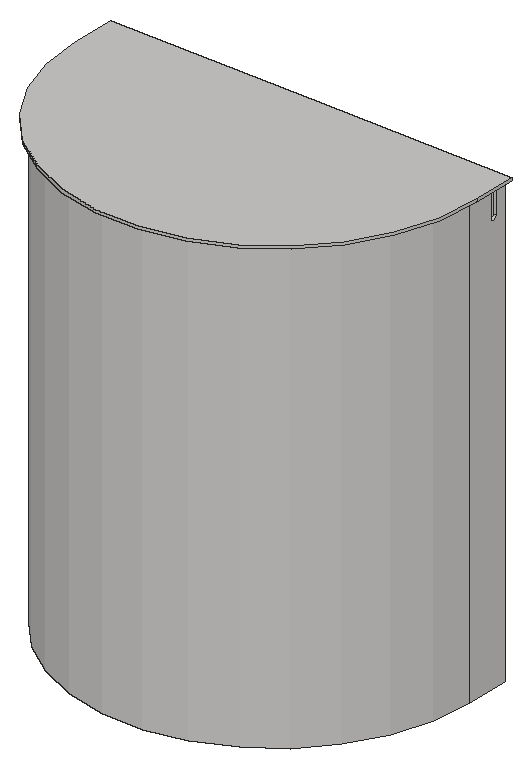
Revit family "Korpinen Semicircular Dustbin_", category Casework, Revit 2012
Parameters (values of type "1873")
  URL = "www.korpinen.com"
  Model = "1873 Waste Bin 10 liter with Lid - Stainless Steel"
  Manufacturer = "Korpinen Oy"
  Installatioin Height [instance] = 600 mm
  Bin Type = Waste Bin 10 liter : 1873
Types (6, lengths in mm): name | Model | Bin Type
  (no name) | "1873 Waste Bin 10 liter with Lid - Stainless Steel" | Waste Bin 10 liter : 1873
  1873 | "1873 Waste Bin 10 liter with Lid - Stainless Steel" | Waste Bin 10 liter : 1873
  1874 | "1874 Waste Bin 10 liter - White" | Waste Bin 10 liter : 1874
  1875 | "1875 Waste Bin 10 liter with Lid - White" | Waste Bin 10 liter : 1875
  1880 | "1880 Waste Bin 20 liter - White" | Waste Bin 20 liter : 1880
  1881 | "1881 Waste Bin 20 liter with Lid - White" | Waste Bin 20 liter : 1881
Reference planes
  plane 1 "Center (Front/Back)": y = 0
  plane 2: z = 0
  plane 3 "Center (Left/Right)": x = 0
Dimensions and locks
  aligned and locked: level to plane 2
Nested families
  nested 1: "Waste Bin 10 liter" at (0, 0, 600), type <- "Bin Type", built-in parameter 1001364 <- "Installatioin Height", type "1873"
Definition of nested family "Waste Bin 10 liter"
  Parameters (values of type "1873")
    Material = Stainless Steel
    Lid = yes
  Types (4, lengths in mm): name | Material | Lid
    (no name) | Stainless Steel | yes
    1874 | RAL 9016 - White | no
    1875 | RAL 9016 - White | yes
    1873 | Stainless Steel | yes
  Reference planes
    plane 1 "Center (Front/Back)": y = 0
    plane 2: z = 0
    plane 3 "Center (Left/Right)": x = 0
  Forms (mm)
    Extrusion 1, solid, material "Stainless Steel" <- "Material"
      sketch origin (0, 0, -600) x (1, 0, 0) y (0, 1, 0)
        loop
          line (0, 0) -> (-135, 0) -> (-135, -30)
          arc (-135, -30) -> (0, -165) -> (135, -30) r 135
          line (135, -30) -> (135, 0) -> (0, 0)
        loop
          line (0, -2) -> (-133, -2) -> (-133, -30)
          arc (-133, -30) -> (0, -163) -> (133, -30) r 133
          line (133, -30) -> (133, -2) -> (0, -2)
      from 285 to 600
    Extrusion 2, solid, material "Stainless Steel" <- "Material"
      sketch origin (0, 0, -600) x (1, 0, 0) y (0, 1, 0)
        loop
          line (0, -2) -> (-110, -2) -> (-25.731, -160.487) -> (25.731, -160.487) -> (110, -2) -> (0, -2)
      from 285 to 287
    Extrusion 3, void
      sketch origin (0, 0, -600) x (0, 1, 0) y (0, 0, 1)
        loop
          line (-7, 600) -> (-12, 600) -> (-12, 580)
          arc (-12, 580) -> (-9.5, 577.5) -> (-7, 580) r 2.5
          line (-7, 580) -> (-7, 600)
      from -135 to 135
    Extrusion 4, solid, material "Stainless Steel" <- "Material", visible <- "Lid"
      sketch origin (0, 0, -600) x (1, 0, 0) y (0, 1, 0)
        loop
          line (0, 0) -> (-140, 0) -> (-140, -30)
          arc (-140, -30) -> (0, -170) -> (140, -30) r 140
          line (140, -30) -> (140, 0) -> (0, 0)
      from 600 to 602
  Cuts and joins
    Extrusion 3 cuts Extrusion 1
  Dimensions and locks
    aligned and locked: level to plane 2
    aligned and locked: Extrusion 1 to Extrusion 2
    aligned and locked: Extrusion 1 to Extrusion 3  (x2)
